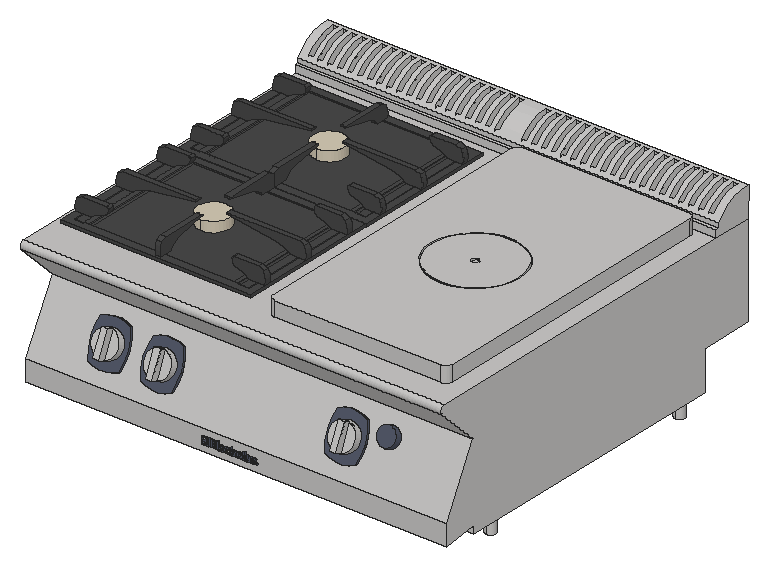
Revit family "QF_ELECTROLUXPROFESSIONAL_371011_E7STGH3000", category Specialty Equipment, Revit 2018
Family settings
  Round Connector Dimension = Use Diameter
  Part Type = Normal
  Work Plane-Based = No
  Always vertical = Yes
  Cut with Voids When Loaded = No
  Shared = No
  Room Calculation Point = No
Parameters
  Width = 800 mm  # constant formula
  Weight in Pounds = 121  # constant formula
  Watts = 0 W
  URL Cutsheet = "www.electrolux.com"
  URL = "www.electrolux.com"
  Type Mark [instance] = ""
  Status [instance] = ""
  Specification by User [instance] = ""
  Specification by Manufacturer = ""
  Show Logo [instance] = yes
  Show Clearance [instance] = yes
  Serial Number = ""
  Seismic Rating = ""
  SMACNA No = ""
  Revision Code [instance] = ""
  Omniclass Number and Title = ""
  NAFEM Spec ID Number = ""
  Model = "371011"
  Mechanical Remarks [instance] = ""
  Mechanical Connection Type [instance] = ""
  Masterspec = ""
  Manufacturer = "ELECTROLUX"
  Item Number [instance] = ""
  Installed By [instance] = ""
  Identify Quantity as Lot [instance] = yes
  Height = 250.8 mm  # constant formula
  HP = "0 HP"
  Gas Size = 12.7 mm  # 1/2"
  Gas RI Height [instance] = 0 mm
  Gas KW [instance] = 14.6  # constant formula
  Gas Input [instance] = 14586.6 VA  # 49771.4 Btu/h
  Gas Connection Height = 0 mm
  Furnished By [instance] = ""
  Foodservice Equipment Identifier [instance] = yes
  Direct Waste Size = 0"
  Description = "700XP Gas Solid Top - 2 Burners"
  Depth = 730 mm  # constant formula
  CSI MasterFormat = ""
  CSI Master Format = ""
  Assembly Code = ""
Reference planes
  plane 1 "BACK": y = 0
  plane 2: z = 0
  plane 3 "LEFT": x = 0
  plane 4 "RIGHT": x = 800
  plane 5 "FRONT": y = -730
  plane 6 "TOP": z = 303.188
  plane 7 "Center Y": x = 400
  plane 8 "Center X": y = -365
  plane 9 "Base Height": z = 23.813
  plane 10: z = 274.613
  plane 11: z = 331.787
Forms (mm)
  Extrusion 1, solid, material "QF_Finishes_Stainless Steel"
    sketch origin (0, 0, 0) x (0, 1, 0) y (0, 0, 1)
      loop
        line (0, 98.425) -> (0, 274.612) -> (-721.5, 274.612)
        arc (-721.5, 274.612) -> (-729.472, 269.285) -> (-727.602, 259.881) r 8.63
        line (-727.602, 259.881) -> (-654.039, 186.318) -> (-715.962, 68.584) -> (-715.962, 30.162) -> (-655.839, 38.612)
        arc (-655.839, 38.612) -> (-653.314, 37.864) -> (-652.222, 35.468) r 3.175
        line (-652.222, 35.468) -> (-652.222, 23.813) -> (-103.188, 23.813) -> (-103.188, 98.425) -> (0, 98.425)
    from 0 to 800
  Extrusion 2, solid, material "QF_Finishes_Stainless Steel"
    sketch origin (0, 0, 0) x (0, 1, 0) y (0, 0, 1)
      loop
        line (0, 274.612) -> (0, 288.9) -> (-76.2, 288.9) -> (-76.2, 274.612) -> (0, 274.612)
    from 0 to 800
  Extrusion 3, solid, material "QF_Finishes_Stainless Steel"
    sketch origin (0, 0, 0) x (1, 0, 0) y (0, 1, 0)
      loop
        circle (11.112, -149.225) r 9.525
      loop
        circle (788.888, -149.225) r 9.525
      loop
        circle (11.112, -598.488) r 9.525
      loop
        circle (788.888, -598.488) r 9.525
    from 0 to 23.812
  Extrusion 4, solid, material "QF_Finishes_Stainless Steel"
    sketch origin (0, -103.188, 23.813) x (0, 0, 1) y (1, 0, 0)
      loop
        circle (36.513, 400) r 6.35
    from 0 to 26.988
  Extrusion 5, void
    sketch origin (34.989, 0, 288.925) x (-1, 0, 0) y (0, -1, 0)
      loop
        line (-335.017, 6.761) -> (-335.017, 63.911) -> (-344.313, 63.911) -> (-344.313, 6.761) -> (-335.017, 6.761)
      loop
        line (-316.325, 6.761) -> (-316.325, 63.911) -> (-325.62, 63.911) -> (-325.62, 6.761) -> (-316.325, 6.761)
      loop
        line (-297.632, 6.761) -> (-297.632, 63.911) -> (-306.928, 63.911) -> (-306.928, 6.761) -> (-297.632, 6.761)
      loop
        line (-278.94, 6.761) -> (-278.94, 63.911) -> (-288.235, 63.911) -> (-288.235, 6.761) -> (-278.94, 6.761)
      loop
        line (-260.247, 6.761) -> (-260.247, 63.911) -> (-269.543, 63.911) -> (-269.543, 6.761) -> (-260.247, 6.761)
      loop
        line (-241.554, 6.761) -> (-241.554, 63.911) -> (-250.85, 63.911) -> (-250.85, 6.761) -> (-241.554, 6.761)
      loop
        line (-222.862, 6.761) -> (-222.862, 63.911) -> (-232.157, 63.911) -> (-232.157, 6.761) -> (-222.862, 6.761)
      loop
        line (-204.169, 6.761) -> (-204.169, 63.911) -> (-213.465, 63.911) -> (-213.465, 6.761) -> (-204.169, 6.761)
      loop
        line (-185.476, 6.761) -> (-185.476, 63.911) -> (-194.772, 63.911) -> (-194.772, 6.761) -> (-185.476, 6.761)
      loop
        line (-166.784, 6.761) -> (-166.784, 63.911) -> (-176.08, 63.911) -> (-176.08, 6.761) -> (-166.784, 6.761)
      loop
        line (-148.091, 6.761) -> (-148.091, 63.911) -> (-157.387, 63.911) -> (-157.387, 6.761) -> (-148.091, 6.761)
      loop
        line (-129.399, 6.761) -> (-129.399, 63.911) -> (-138.694, 63.911) -> (-138.694, 6.761) -> (-129.399, 6.761)
      loop
        line (-110.706, 6.761) -> (-110.706, 63.911) -> (-120.002, 63.911) -> (-120.002, 6.761) -> (-110.706, 6.761)
      loop
        line (-92.013, 6.761) -> (-92.013, 63.911) -> (-101.309, 63.911) -> (-101.309, 6.761) -> (-92.013, 6.761)
      loop
        line (-73.321, 6.761) -> (-73.321, 63.911) -> (-82.617, 63.911) -> (-82.617, 6.761) -> (-73.321, 6.761)
      loop
        line (-54.628, 6.761) -> (-54.628, 63.911) -> (-63.924, 63.911) -> (-63.924, 6.761) -> (-54.628, 6.761)
      loop
        line (-35.936, 6.761) -> (-35.936, 63.911) -> (-45.231, 63.911) -> (-45.231, 6.761) -> (-35.936, 6.761)
      loop
        line (-17.243, 6.761) -> (-17.243, 63.911) -> (-26.539, 63.911) -> (-26.539, 6.761) -> (-17.243, 6.761)
      loop
        line (1.45, 6.761) -> (1.45, 63.911) -> (-7.846, 63.911) -> (-7.846, 6.761) -> (1.45, 6.761)
      loop
        line (20.142, 6.761) -> (20.142, 63.911) -> (10.846, 63.911) -> (10.846, 6.761) -> (20.142, 6.761)
      loop
        line (-395.005, 6.761) -> (-385.709, 6.761) -> (-385.709, 63.911) -> (-395.005, 63.911) -> (-395.005, 6.761)
      loop
        line (-413.697, 6.761) -> (-404.401, 6.761) -> (-404.401, 63.911) -> (-413.697, 63.911) -> (-413.697, 6.761)
      loop
        line (-432.39, 6.761) -> (-423.094, 6.761) -> (-423.094, 63.911) -> (-432.39, 63.911) -> (-432.39, 6.761)
      loop
        line (-451.082, 6.761) -> (-441.787, 6.761) -> (-441.787, 63.911) -> (-451.082, 63.911) -> (-451.082, 6.761)
      loop
        line (-469.775, 6.761) -> (-460.479, 6.761) -> (-460.479, 63.911) -> (-469.775, 63.911) -> (-469.775, 6.761)
      loop
        line (-488.468, 6.761) -> (-479.172, 6.761) -> (-479.172, 63.911) -> (-488.468, 63.911) -> (-488.468, 6.761)
      loop
        line (-507.16, 6.761) -> (-497.864, 6.761) -> (-497.864, 63.911) -> (-507.16, 63.911) -> (-507.16, 6.761)
      loop
        line (-525.853, 6.761) -> (-516.557, 6.761) -> (-516.557, 63.911) -> (-525.853, 63.911) -> (-525.853, 6.761)
      loop
        line (-544.545, 6.761) -> (-535.25, 6.761) -> (-535.25, 63.911) -> (-544.545, 63.911) -> (-544.545, 6.761)
      loop
        line (-563.238, 6.761) -> (-553.942, 6.761) -> (-553.942, 63.911) -> (-563.238, 63.911) -> (-563.238, 6.761)
      loop
        line (-581.931, 6.761) -> (-572.635, 6.761) -> (-572.635, 63.911) -> (-581.931, 63.911) -> (-581.931, 6.761)
      loop
        line (-600.623, 6.761) -> (-591.328, 6.761) -> (-591.328, 63.911) -> (-600.623, 63.911) -> (-600.623, 6.761)
      loop
        line (-619.316, 6.761) -> (-610.02, 6.761) -> (-610.02, 63.911) -> (-619.316, 63.911) -> (-619.316, 6.761)
      loop
        line (-638.008, 6.761) -> (-628.713, 6.761) -> (-628.713, 63.911) -> (-638.008, 63.911) -> (-638.008, 6.761)
      loop
        line (-656.701, 6.761) -> (-647.405, 6.761) -> (-647.405, 63.911) -> (-656.701, 63.911) -> (-656.701, 6.761)
      loop
        line (-675.394, 6.761) -> (-666.098, 6.761) -> (-666.098, 63.911) -> (-675.394, 63.911) -> (-675.394, 6.761)
      loop
        line (-694.086, 6.761) -> (-684.791, 6.761) -> (-684.791, 63.911) -> (-694.086, 63.911) -> (-694.086, 6.761)
      loop
        line (-712.779, 6.761) -> (-703.483, 6.761) -> (-703.483, 63.911) -> (-712.779, 63.911) -> (-712.779, 6.761)
      loop
        line (-731.472, 6.761) -> (-722.176, 6.761) -> (-722.176, 63.911) -> (-731.472, 63.911) -> (-731.472, 6.761)
      loop
        line (-750.164, 6.761) -> (-740.868, 6.761) -> (-740.868, 63.911) -> (-750.164, 63.911) -> (-750.164, 6.761)
    from 9.525 to 45.348
  Extrusion 6, solid, material "QF_Finishes_Stainless Steel"
    sketch origin (0, 0, 14.288) x (0, 1, 0) y (0, 0, 1)
      loop
        line (0, 274.613) -> (0, 317.5)
        arc (0, 317.5) -> (-38.885, 309.109) -> (-69.85, 284.137) r 86.116
        line (-69.85, 284.137) -> (-69.85, 274.613) -> (0, 274.613)
    from 0 to 800
  Extrusion 7, solid, material "QF_Finishes_Navy Blue", visible <- "Show Logo"
    sketch origin (47.249, -715.962, 35.665) x (0, 0, 1) y (-1, 0, 0)
      loop
        line (20.674, -296.698) -> (8.307, -296.698)
        arc (8.307, -296.698) -> (14.491, -301.27) -> (20.674, -296.698) r 6.467
      loop
        arc (20.674, -296.069) -> (19.505, -290.926) -> (14.849, -288.448) r 6.338
        line (14.849, -288.448) -> (14.849, -290.494)
        arc (14.849, -290.494) -> (16.333, -294.149) -> (19.778, -296.069) r 5.941
        line (19.778, -296.069) -> (20.674, -296.069)
      loop
        arc (9.203, -296.069) -> (12.648, -294.149) -> (14.132, -290.494) r 5.941
        line (14.132, -290.494) -> (14.132, -288.448)
        arc (14.132, -288.448) -> (9.438, -290.922) -> (8.148, -296.069) r 6.504
        line (8.148, -296.069) -> (9.203, -296.069)
      loop
        line (21.349, -287.979) -> (7.604, -287.979) -> (7.604, -301.742) -> (21.349, -301.742) -> (21.349, -287.979)
      loop
        arc (21.432, -304.71) -> (21.085, -304.352) -> (20.718, -304.69) r 0.358
        arc (20.718, -304.69) -> (20.404, -305.44) -> (19.687, -305.825) r 1.216
        line (19.687, -305.825) -> (9.274, -305.825)
        arc (9.274, -305.825) -> (8.614, -305.548) -> (8.218, -304.951) r 1.238
        arc (8.218, -304.951) -> (7.823, -304.7) -> (7.518, -305.054) r 0.358
        line (7.518, -305.054) -> (7.518, -314.933) -> (10.269, -314.933) -> (10.269, -314.036)
        arc (10.269, -314.036) -> (9.36, -313.456) -> (8.904, -312.479) r 1.928
        line (8.904, -312.479) -> (8.904, -309.98)
        arc (8.904, -309.98) -> (9.18, -309.251) -> (9.868, -308.887) r 1.101
        line (9.868, -308.887) -> (13.955, -308.887) -> (13.955, -312.561)
        arc (13.955, -312.561) -> (13.602, -313.058) -> (13.037, -313.286) r 1.083
        arc (13.037, -313.286) -> (12.773, -313.591) -> (13.065, -313.869) r 0.292
        line (13.065, -313.869) -> (16.028, -313.869)
        arc (16.028, -313.869) -> (16.33, -313.596) -> (16.092, -313.266) r 0.305
        arc (16.092, -313.266) -> (15.601, -313.018) -> (15.296, -312.561) r 1.083
        line (15.296, -312.561) -> (15.296, -308.887) -> (19.973, -308.887) -> (19.973, -312.635)
        arc (19.973, -312.635) -> (19.759, -313.39) -> (19.153, -313.888) r 1.314
        arc (19.153, -313.888) -> (18.934, -314.292) -> (19.288, -314.585) r 0.361
        line (19.288, -314.585) -> (21.432, -314.585) -> (21.432, -304.71)
      loop
        arc (20.715, -315.365) -> (20.335, -316.284) -> (19.416, -316.664) r 1.299
        line (19.416, -316.664) -> (9.837, -316.664)
        arc (9.837, -316.664) -> (8.999, -316.286) -> (8.728, -315.408) r 1.118
        line (8.728, -315.408) -> (7.518, -315.408) -> (7.518, -320.758) -> (8.706, -320.758)
        arc (8.706, -320.758) -> (8.978, -319.841) -> (9.848, -319.445) r 1.153
        line (9.848, -319.445) -> (21.92, -319.445) -> (20.715, -315.365)
      loop
        line (12.483, -323.394) -> (12.483, -329.842) -> (13.282, -329.842)
        arc (13.282, -329.842) -> (15.862, -328.857) -> (17.131, -326.404) r 3.874
        line (17.131, -326.404) -> (17.131, -324.643)
        arc (17.131, -324.643) -> (15.944, -321.778) -> (13.08, -320.592) r 4.051
        line (13.08, -320.592) -> (11.072, -320.592)
        arc (11.072, -320.592) -> (8.253, -322.077) -> (7.202, -325.084) r 4.352
        arc (7.202, -325.084) -> (7.566, -327.547) -> (8.943, -329.621) r 5.713
        line (8.943, -329.621) -> (9.892, -329.621)
        arc (9.892, -329.621) -> (9.16, -328.052) -> (8.943, -326.334) r 5.579
        arc (8.943, -326.334) -> (9.737, -324.371) -> (11.616, -323.394) r 3.057
        line (11.616, -323.394) -> (12.483, -323.394)
      loop
        line (13.742, -323.394) -> (13.742, -326.977)
        arc (13.742, -326.977) -> (15.199, -327.024) -> (16.082, -325.864) r 1.59
        line (16.082, -325.864) -> (16.082, -325.034)
        arc (16.082, -325.034) -> (15.217, -323.779) -> (13.742, -323.394) r 2.184
      loop
        arc (16.533, -339.259) -> (17.022, -337.585) -> (17.179, -335.848) r 9.023
        line (17.179, -335.848) -> (17.179, -334.486)
        arc (17.179, -334.486) -> (16.02, -331.686) -> (13.22, -330.527) r 3.959
        line (13.22, -330.527) -> (10.62, -330.527)
        arc (10.62, -330.527) -> (8.338, -331.819) -> (7.221, -334.192) r 4.331
        line (7.221, -334.192) -> (7.221, -336.327)
        arc (7.221, -336.327) -> (7.729, -337.877) -> (8.651, -339.223) r 5.772
        arc (8.651, -339.223) -> (9.412, -339.274) -> (9.499, -338.515) r 0.553
        arc (9.499, -338.515) -> (9.111, -337.781) -> (8.977, -336.962) r 2.573
        line (8.977, -336.962) -> (8.977, -335.447)
        arc (8.977, -335.447) -> (9.983, -333.806) -> (11.798, -333.163) r 2.884
        line (11.798, -333.163) -> (13.077, -333.163)
        arc (13.077, -333.163) -> (14.898, -333.723) -> (15.824, -335.388) r 2.554
        line (15.824, -335.388) -> (15.824, -336.441)
        arc (15.824, -336.441) -> (15.493, -337.369) -> (14.836, -338.104) r 2.564
        arc (14.836, -338.104) -> (14.614, -338.821) -> (15.223, -339.259) r 0.643
        line (15.223, -339.259) -> (16.533, -339.259)
      loop
        line (15.515, -339.53) -> (15.515, -341.031) -> (9.467, -341.031)
        arc (9.467, -341.031) -> (7.879, -341.688) -> (7.221, -343.276) r 2.246
        line (7.221, -343.276) -> (7.221, -344.86)
        arc (7.221, -344.86) -> (7.535, -345.725) -> (8.035, -346.496) r 4.06
        arc (8.035, -346.496) -> (8.768, -346.629) -> (9.019, -345.928) r 0.576
        arc (9.019, -345.928) -> (8.913, -345.403) -> (8.977, -344.87) r 1.69
        arc (8.977, -344.87) -> (9.519, -344.082) -> (10.425, -343.779) r 1.506
        line (10.425, -343.779) -> (15.563, -343.779) -> (15.563, -346.176) -> (16.119, -346.733) -> (16.941, -346.733) -> (16.941, -343.873) -> (20.172, -343.873) -> (15.515, -339.53)
      loop
        line (7.438, -347.63) -> (7.438, -353.017) -> (8.548, -353.017)
        arc (8.548, -353.017) -> (8.942, -352.066) -> (9.893, -351.672) r 1.345
        line (9.893, -351.672) -> (13.509, -351.672)
        arc (13.509, -351.672) -> (14.274, -352.264) -> (14.564, -353.186) r 1.615
        line (14.564, -353.186) -> (14.564, -354.742) -> (17.119, -355.427) -> (17.119, -354.044) -> (15.177, -351.485) -> (17.057, -351.485) -> (16.773, -348.779)
        arc (16.773, -348.779) -> (16.333, -348.249) -> (15.674, -348.45) r 0.621
        arc (15.674, -348.45) -> (15.274, -348.792) -> (14.78, -348.975) r 1.501
        line (14.78, -348.975) -> (9.893, -348.975)
        arc (9.893, -348.975) -> (8.942, -348.581) -> (8.548, -347.63) r 1.345
        line (8.548, -347.63) -> (7.438, -347.63)
      loop
        line (13.54, -354.964) -> (10.848, -354.964)
        arc (10.848, -354.964) -> (8.403, -356.272) -> (7.269, -358.803) r 4.288
        arc (7.269, -358.803) -> (7.205, -360.183) -> (7.269, -361.563) r 15.022
        arc (7.269, -361.563) -> (8.403, -364.094) -> (10.848, -365.401) r 4.288
        line (10.848, -365.401) -> (13.54, -365.401)
        arc (13.54, -365.401) -> (15.986, -364.094) -> (17.119, -361.563) r 4.288
        arc (17.119, -361.563) -> (17.183, -360.183) -> (17.119, -358.803) r 15.022
        arc (17.119, -358.803) -> (15.986, -356.272) -> (13.54, -354.964) r 4.288
      loop
        line (13.745, -358.078) -> (10.643, -358.078)
        arc (10.643, -358.078) -> (8.486, -360.235) -> (10.643, -362.392) r 2.157
        line (10.643, -362.392) -> (13.745, -362.392)
        arc (13.745, -362.392) -> (15.902, -360.235) -> (13.745, -358.078) r 2.157
      loop
        arc (20.726, -365.26) -> (20.355, -366.154) -> (19.461, -366.524) r 1.264
        line (19.461, -366.524) -> (9.597, -366.524)
        arc (9.597, -366.524) -> (8.727, -366.127) -> (8.455, -365.211) r 1.153
        line (8.455, -365.211) -> (7.518, -365.211) -> (7.518, -370.319) -> (8.446, -370.319)
        arc (8.446, -370.319) -> (8.805, -369.547) -> (9.597, -369.232) r 1.153
        line (9.597, -369.232) -> (21.92, -369.232) -> (20.726, -365.26)
      loop
        arc (15.846, -369.857) -> (15.647, -370.921) -> (14.678, -371.403) r 1.215
        line (14.678, -371.403) -> (9.658, -371.403)
        arc (9.658, -371.403) -> (8.043, -372.051) -> (7.322, -373.634) r 2.338
        line (7.322, -373.634) -> (7.322, -375.148)
        arc (7.322, -375.148) -> (7.497, -376.152) -> (7.999, -377.038) r 2.979
        line (7.999, -377.038) -> (7.518, -378.835) -> (7.518, -380.524) -> (16.943, -380.524) -> (16.649, -376.32) -> (15.863, -376.32)
        arc (15.863, -376.32) -> (15.507, -377.156) -> (14.755, -377.665) r 1.605
        line (14.755, -377.665) -> (9.652, -377.665)
        arc (9.652, -377.665) -> (9.232, -376.728) -> (9.159, -375.704) r 2.94
        arc (9.159, -375.704) -> (9.72, -374.603) -> (10.873, -374.16) r 1.724
        line (10.873, -374.16) -> (17.07, -374.16) -> (15.846, -369.857)
      loop
        line (16.874, -381.377) -> (15.202, -383.423) -> (12.028, -385.729) -> (8.572, -382.617)
        arc (8.572, -382.617) -> (8.335, -382.223) -> (8.357, -381.764) r 0.789
        line (8.357, -381.764) -> (7.518, -381.764) -> (7.518, -385.309) -> (8.344, -385.309)
        arc (8.344, -385.309) -> (8.686, -384.947) -> (9.176, -385.039) r 0.52
        line (9.176, -385.039) -> (10.976, -386.51) -> (8.858, -387.886)
        arc (8.858, -387.886) -> (8.457, -387.576) -> (8.37, -387.076) r 0.7
        line (8.37, -387.076) -> (7.518, -387.076) -> (7.518, -393.003) -> (8.405, -393.003)
        arc (8.405, -393.003) -> (8.472, -392.344) -> (8.866, -391.813) r 1.247
        line (8.866, -391.813) -> (13.066, -388.532) -> (15.513, -390.585) -> (16.874, -392.327) -> (16.874, -388.604) -> (15.389, -389.026) -> (13.868, -387.749) -> (15.568, -386.559) -> (16.874, -387.336) -> (16.874, -381.377)
    from 0 to 1.644
  Extrusion 8, solid, material "QF_Finishes_Navy Blue"
    sketch origin (47.744, -713.772, 69.003) x (0, 0.418102, 0.9084) y (-1, 0, 0)
      loop
        arc (102.623, -510.47) -> (67.041, -502.846) -> (31.333, -509.853) r 90.5
        arc (31.333, -509.853) -> (24.507, -539.04) -> (31.333, -568.228) r 65.817
        arc (31.333, -568.228) -> (67.04, -575.188) -> (102.623, -567.615) r 91.066
        arc (102.623, -567.615) -> (109.179, -539.043) -> (102.623, -510.47) r 65.546
    from 0 to 3.175
  Extrusion 9, solid, material "QF_Finishes_Stainless Steel"
    sketch origin (426.494, -717.485, 68.529) x (0, 0.418102, 0.9084) y (-1, 0, 0)
      loop
        circle (68.826, -160.963) r 25.4
    from 0 to 12.7
  Extrusion 10, solid, material "QF_Finishes_Stainless Steel"
    sketch origin (426.494, -729.022, 73.839) x (0, 0.418102, 0.9084) y (-1, 0, 0)
      loop
        arc (93.558, -166.749) -> (94.226, -160.963) -> (93.558, -155.177) r 25.4
        line (93.558, -155.177) -> (44.094, -155.177)
        arc (44.094, -155.177) -> (43.426, -160.963) -> (44.094, -166.749) r 25.4
        line (44.094, -166.749) -> (93.558, -166.749)
    from 0 to 12.7
  Extrusion 11, solid, material "QF_Finishes_Navy Blue"
    sketch origin (347.014, -703.319, 91.713) x (0, 0.418102, 0.9084) y (-1, 0, 0)
      loop
        circle (65.471, -315.169) r 17.78
    from 0 to 12.7
  Extrusion 12, solid, material "QF_Finishes_Clearance", visible <- "Show Clearance", detail levels coarse
    sketch origin (0, 0, 0) x (1, 0, 0) y (0, 1, 0)
      loop
        line (0, -730) -> (0, 0) -> (800, 0) -> (800, -730) -> (950, -730) -> (950, 150) -> (-150, 150) -> (-150, -730) -> (0, -730)
    from 0 to 331.787
  Extrusion 13, solid, material "QF_Finishes_Navy Blue"
    sketch origin (-402.256, -713.772, 69.003) x (0, 0.418102, 0.9084) y (-1, 0, 0)
      loop
        arc (102.623, -510.47) -> (67.041, -502.846) -> (31.333, -509.853) r 90.5
        arc (31.333, -509.853) -> (24.507, -539.04) -> (31.333, -568.228) r 65.817
        arc (31.333, -568.228) -> (67.04, -575.188) -> (102.623, -567.615) r 91.066
        arc (102.623, -567.615) -> (109.179, -539.043) -> (102.623, -510.47) r 65.546
    from 0 to 3.175
  Extrusion 14, solid, material "QF_Finishes_Stainless Steel"
    sketch origin (-23.506, -717.485, 68.529) x (0, 0.418102, 0.9084) y (-1, 0, 0)
      loop
        circle (68.826, -160.963) r 25.4
    from 0 to 12.7
  Extrusion 15, solid, material "QF_Finishes_Stainless Steel"
    sketch origin (-23.506, -729.022, 73.839) x (0, 0.418102, 0.9084) y (-1, 0, 0)
      loop
        arc (93.558, -166.749) -> (94.226, -160.963) -> (93.558, -155.177) r 25.4
        line (93.558, -155.177) -> (44.094, -155.177)
        arc (44.094, -155.177) -> (43.426, -160.963) -> (44.094, -166.749) r 25.4
        line (44.094, -166.749) -> (93.558, -166.749)
    from 0 to 12.7
  Extrusion 16, solid, material "QF_Finishes_Navy Blue"
    sketch origin (-302.256, -713.772, 69.003) x (0, 0.418102, 0.9084) y (-1, 0, 0)
      loop
        arc (102.623, -510.47) -> (67.041, -502.846) -> (31.333, -509.853) r 90.5
        arc (31.333, -509.853) -> (24.507, -539.04) -> (31.333, -568.228) r 65.817
        arc (31.333, -568.228) -> (67.04, -575.188) -> (102.623, -567.615) r 91.066
        arc (102.623, -567.615) -> (109.179, -539.043) -> (102.623, -510.47) r 65.546
    from 0 to 3.175
  Extrusion 17, solid, material "QF_Finishes_Stainless Steel"
    sketch origin (76.494, -717.485, 68.529) x (0, 0.418102, 0.9084) y (-1, 0, 0)
      loop
        circle (68.826, -160.963) r 25.4
    from 0 to 12.7
  Extrusion 18, solid, material "QF_Finishes_Stainless Steel"
    sketch origin (76.494, -729.022, 73.839) x (0, 0.418102, 0.9084) y (-1, 0, 0)
      loop
        arc (93.558, -166.749) -> (94.226, -160.963) -> (93.558, -155.177) r 25.4
        line (93.558, -155.177) -> (44.094, -155.177)
        arc (44.094, -155.177) -> (43.426, -160.963) -> (44.094, -166.749) r 25.4
        line (44.094, -166.749) -> (93.558, -166.749)
    from 0 to 12.7
  Extrusion 19, solid, material "QF_Finishes_Stainless Steel"
    sketch origin (17.4, 0, 274.638) x (0, -1, 0) y (1, 0, 0)
      loop
        arc (82.3, 420.3) -> (86.02, 411.32) -> (95, 407.6) r 12.7
        line (95, 407.6) -> (659.6, 407.6)
        arc (659.6, 407.6) -> (668.58, 411.32) -> (672.3, 420.3) r 12.7
        line (672.3, 420.3) -> (672.3, 734.9)
        arc (672.3, 734.9) -> (668.58, 743.88) -> (659.6, 747.6) r 12.7
        line (659.6, 747.6) -> (95, 747.6)
        arc (95, 747.6) -> (86.02, 743.88) -> (82.3, 734.9) r 12.7
        line (82.3, 734.9) -> (82.3, 420.3)
      loop
        circle (392.3, 577.749) r 82.55
      loop
        circle (392.3, 577.749) r 7
      loop
        arc (349.393, 651.634) -> (309.746, 556.172) -> (390.976, 492.245) r 85.532
        arc (390.976, 492.245) -> (451.615, 516.637) -> (477.371, 576.709) r 85.614
        arc (477.371, 576.709) -> (435.193, 651.427) -> (349.393, 651.634) r 85.263
    from 0 to 28.575
  Extrusion 20, solid, material "QF_Finishes_Stainless Steel"
    sketch origin (195.13, 12.7, 274.638) x (0, -1, 0) y (1, 0, 0)
      loop
        circle (405, 400) r 7
    from 0 to 26.981
Cuts and joins
  Extrusion 5 cuts Extrusion 1
  Extrusion 5 cuts Extrusion 6
  joined: Extrusion 2, Extrusion 6
Lines and regions (mm)
  symbolic lines
    curve 1: line (0, -730.129, 0) -> (800, -730.129, 0)
    curve 2: line (0, 0, 0) -> (0, -730.129, 0)
    curve 3: line (800, 0, 0) -> (0, 0, 0)
    curve 4: line (800, -730.129, 0) -> (800, 0, 0)
    curve 5: line (0, -76.2, 0) -> (800, -76.2, 0)
    curve 6: line (0, -69.85, 0) -> (800, -69.85, 0)
    curve 7: line (14.847, -63.911, 0) -> (14.847, -6.761, 0)
    curve 8: line (14.847, -6.761, 0) -> (24.143, -6.761, 0)
    curve 9: line (24.143, -6.761, 0) -> (24.143, -63.911, 0)
    curve 10: line (24.143, -63.911, 0) -> (14.847, -63.911, 0)
    curve 11: line (33.539, -63.911, 0) -> (33.539, -6.761, 0)
    curve 12: line (33.539, -6.761, 0) -> (42.835, -6.761, 0)
    curve 13: line (42.835, -6.761, 0) -> (42.835, -63.911, 0)
    curve 14: line (42.835, -63.911, 0) -> (33.539, -63.911, 0)
    curve 15: line (52.232, -63.911, 0) -> (52.232, -6.761, 0)
    curve 16: line (52.232, -6.761, 0) -> (61.528, -6.761, 0)
    curve 17: line (61.528, -6.761, 0) -> (61.528, -63.911, 0)
    curve 18: line (61.528, -63.911, 0) -> (52.232, -63.911, 0)
    curve 19: line (70.925, -63.911, 0) -> (70.925, -6.761, 0)
    curve 20: line (70.925, -6.761, 0) -> (80.22, -6.761, 0)
    curve 21: line (80.22, -6.761, 0) -> (80.22, -63.911, 0)
    curve 22: line (80.22, -63.911, 0) -> (70.925, -63.911, 0)
    curve 23: line (89.617, -63.911, 0) -> (89.617, -6.761, 0)
    curve 24: line (89.617, -6.761, 0) -> (98.913, -6.761, 0)
    curve 25: line (98.913, -6.761, 0) -> (98.913, -63.911, 0)
    curve 26: line (98.913, -63.911, 0) -> (89.617, -63.911, 0)
    curve 27: line (108.31, -63.911, 0) -> (108.31, -6.761, 0)
    curve 28: line (108.31, -6.761, 0) -> (117.606, -6.761, 0)
    curve 29: line (117.606, -6.761, 0) -> (117.606, -63.911, 0)
    curve 30: line (117.606, -63.911, 0) -> (108.31, -63.911, 0)
    curve 31: line (127.002, -63.911, 0) -> (127.002, -6.761, 0)
    curve 32: line (127.002, -6.761, 0) -> (136.298, -6.761, 0)
    curve 33: line (136.298, -6.761, 0) -> (136.298, -63.911, 0)
    curve 34: line (136.298, -63.911, 0) -> (127.002, -63.911, 0)
    curve 35: line (145.695, -63.911, 0) -> (145.695, -6.761, 0)
    curve 36: line (145.695, -6.761, 0) -> (154.991, -6.761, 0)
    curve 37: line (154.991, -6.761, 0) -> (154.991, -63.911, 0)
    curve 38: line (154.991, -63.911, 0) -> (145.695, -63.911, 0)
    curve 39: line (164.388, -63.911, 0) -> (164.388, -6.761, 0)
    curve 40: line (164.388, -6.761, 0) -> (173.683, -6.761, 0)
    curve 41: line (173.683, -6.761, 0) -> (173.683, -63.911, 0)
    curve 42: line (173.683, -63.911, 0) -> (164.388, -63.911, 0)
    curve 43: line (183.08, -63.911, 0) -> (183.08, -6.761, 0)
    curve 44: line (183.08, -6.761, 0) -> (192.376, -6.761, 0)
    curve 45: line (192.376, -6.761, 0) -> (192.376, -63.911, 0)
    curve 46: line (192.376, -63.911, 0) -> (183.08, -63.911, 0)
    curve 47: line (201.773, -63.911, 0) -> (201.773, -6.761, 0)
    curve 48: line (201.773, -6.761, 0) -> (211.069, -6.761, 0)
    curve 49: line (211.069, -6.761, 0) -> (211.069, -63.911, 0)
    curve 50: line (211.069, -63.911, 0) -> (201.773, -63.911, 0)
    curve 51: line (220.466, -63.911, 0) -> (220.466, -6.761, 0)
    curve 52: line (220.466, -6.761, 0) -> (229.761, -6.761, 0)
    curve 53: line (229.761, -6.761, 0) -> (229.761, -63.911, 0)
    curve 54: line (229.761, -63.911, 0) -> (220.466, -63.911, 0)
    curve 55: line (239.158, -63.911, 0) -> (239.158, -6.761, 0)
    curve 56: line (239.158, -6.761, 0) -> (248.454, -6.761, 0)
    curve 57: line (248.454, -6.761, 0) -> (248.454, -63.911, 0)
    curve 58: line (248.454, -63.911, 0) -> (239.158, -63.911, 0)
    curve 59: line (420.698, -63.911, 0) -> (420.698, -6.761, 0)
    curve 60: line (420.698, -6.761, 0) -> (429.994, -6.761, 0)
    curve 61: line (429.994, -6.761, 0) -> (429.994, -63.911, 0)
    curve 62: line (429.994, -63.911, 0) -> (420.698, -63.911, 0)
    curve 63: line (370.006, -63.911, 0) -> (370.006, -6.761, 0)
    curve 64: line (370.006, -6.761, 0) -> (379.302, -6.761, 0)
    curve 65: line (379.302, -6.761, 0) -> (379.302, -63.911, 0)
    curve 66: line (379.302, -63.911, 0) -> (370.006, -63.911, 0)
    curve 67: line (351.314, -63.911, 0) -> (351.314, -6.761, 0)
    curve 68: line (351.314, -6.761, 0) -> (360.61, -6.761, 0)
    curve 69: line (360.61, -6.761, 0) -> (360.61, -63.911, 0)
    curve 70: line (360.61, -63.911, 0) -> (351.314, -63.911, 0)
    curve 71: line (332.621, -63.911, 0) -> (332.621, -6.761, 0)
    curve 72: line (332.621, -6.761, 0) -> (341.917, -6.761, 0)
    curve 73: line (341.917, -6.761, 0) -> (341.917, -63.911, 0)
    curve 74: line (341.917, -63.911, 0) -> (332.621, -63.911, 0)
    curve 75: line (313.929, -63.911, 0) -> (313.929, -6.761, 0)
    curve 76: line (313.929, -6.761, 0) -> (323.224, -6.761, 0)
    curve 77: line (323.224, -6.761, 0) -> (323.224, -63.911, 0)
    curve 78: line (323.224, -63.911, 0) -> (313.929, -63.911, 0)
    curve 79: line (295.236, -63.911, 0) -> (295.236, -6.761, 0)
    curve 80: line (295.236, -6.761, 0) -> (304.532, -6.761, 0)
    curve 81: line (304.532, -6.761, 0) -> (304.532, -63.911, 0)
    curve 82: line (304.532, -63.911, 0) -> (295.236, -63.911, 0)
    curve 83: line (276.543, -63.911, 0) -> (276.543, -6.761, 0)
    curve 84: line (276.543, -6.761, 0) -> (285.839, -6.761, 0)
    curve 85: line (285.839, -6.761, 0) -> (285.839, -63.911, 0)
    curve 86: line (285.839, -63.911, 0) -> (276.543, -63.911, 0)
    curve 87: line (257.851, -63.911, 0) -> (257.851, -6.761, 0)
    curve 88: line (257.851, -6.761, 0) -> (267.146, -6.761, 0)
    curve 89: line (267.146, -6.761, 0) -> (267.146, -63.911, 0)
    curve 90: line (267.146, -63.911, 0) -> (257.851, -63.911, 0)
    curve 91: line (439.39, -63.911, 0) -> (439.39, -6.761, 0)
    curve 92: line (439.39, -6.761, 0) -> (448.686, -6.761, 0)
    curve 93: line (448.686, -6.761, 0) -> (448.686, -63.911, 0)
    curve 94: line (448.686, -63.911, 0) -> (439.39, -63.911, 0)
    curve 95: line (458.083, -63.911, 0) -> (458.083, -6.761, 0)
    curve 96: line (458.083, -6.761, 0) -> (467.379, -6.761, 0)
    curve 97: line (467.379, -6.761, 0) -> (467.379, -63.911, 0)
    curve 98: line (467.379, -63.911, 0) -> (458.083, -63.911, 0)
    curve 99: line (476.776, -63.911, 0) -> (476.776, -6.761, 0)
    curve 100: line (476.776, -6.761, 0) -> (486.071, -6.761, 0)
    curve 101: line (486.071, -6.761, 0) -> (486.071, -63.911, 0)
    curve 102: line (486.071, -63.911, 0) -> (476.776, -63.911, 0)
    curve 103: line (495.468, -63.911, 0) -> (495.468, -6.761, 0)
    curve 104: line (495.468, -6.761, 0) -> (504.764, -6.761, 0)
    curve 105: line (504.764, -6.761, 0) -> (504.764, -63.911, 0)
    curve 106: line (504.764, -63.911, 0) -> (495.468, -63.911, 0)
    curve 107: line (514.161, -63.911, 0) -> (514.161, -6.761, 0)
    curve 108: line (514.161, -6.761, 0) -> (523.457, -6.761, 0)
    curve 109: line (523.457, -6.761, 0) -> (523.457, -63.911, 0)
    curve 110: line (523.457, -63.911, 0) -> (514.161, -63.911, 0)
    curve 111: line (532.854, -63.911, 0) -> (532.854, -6.761, 0)
    curve 112: line (532.854, -6.761, 0) -> (542.149, -6.761, 0)
    curve 113: line (542.149, -6.761, 0) -> (542.149, -63.911, 0)
    curve 114: line (542.149, -63.911, 0) -> (532.854, -63.911, 0)
    curve 115: line (551.546, -63.911, 0) -> (551.546, -6.761, 0)
    curve 116: line (551.546, -6.761, 0) -> (560.842, -6.761, 0)
    curve 117: line (560.842, -6.761, 0) -> (560.842, -63.911, 0)
    curve 118: line (560.842, -63.911, 0) -> (551.546, -63.911, 0)
    curve 119: line (570.239, -63.911, 0) -> (570.239, -6.761, 0)
    curve 120: line (570.239, -6.761, 0) -> (579.534, -6.761, 0)
    curve 121: line (579.534, -6.761, 0) -> (579.534, -63.911, 0)
    curve 122: line (579.534, -63.911, 0) -> (570.239, -63.911, 0)
    curve 123: line (588.931, -63.911, 0) -> (588.931, -6.761, 0)
    curve 124: line (588.931, -6.761, 0) -> (598.227, -6.761, 0)
    curve 125: line (598.227, -6.761, 0) -> (598.227, -63.911, 0)
    curve 126: line (598.227, -63.911, 0) -> (588.931, -63.911, 0)
    curve 127: line (607.624, -63.911, 0) -> (607.624, -6.761, 0)
    curve 128: line (607.624, -6.761, 0) -> (616.92, -6.761, 0)
    curve 129: line (616.92, -6.761, 0) -> (616.92, -63.911, 0)
    curve 130: line (616.92, -63.911, 0) -> (607.624, -63.911, 0)
    curve 131: line (626.317, -63.911, 0) -> (626.317, -6.761, 0)
    curve 132: line (626.317, -6.761, 0) -> (635.612, -6.761, 0)
    curve 133: line (635.612, -6.761, 0) -> (635.612, -63.911, 0)
    curve 134: line (635.612, -63.911, 0) -> (626.317, -63.911, 0)
    curve 135: line (645.009, -63.911, 0) -> (645.009, -6.761, 0)
    curve 136: line (645.009, -6.761, 0) -> (654.305, -6.761, 0)
    curve 137: line (654.305, -6.761, 0) -> (654.305, -63.911, 0)
    curve 138: line (654.305, -63.911, 0) -> (645.009, -63.911, 0)
    curve 139: line (663.702, -63.911, 0) -> (663.702, -6.761, 0)
    curve 140: line (663.702, -6.761, 0) -> (672.998, -6.761, 0)
    curve 141: line (672.998, -6.761, 0) -> (672.998, -63.911, 0)
    curve 142: line (672.998, -63.911, 0) -> (663.702, -63.911, 0)
    curve 143: line (682.394, -63.911, 0) -> (682.394, -6.761, 0)
    curve 144: line (682.394, -6.761, 0) -> (691.69, -6.761, 0)
    curve 145: line (691.69, -6.761, 0) -> (691.69, -63.911, 0)
    curve 146: line (691.69, -63.911, 0) -> (682.394, -63.911, 0)
    curve 147: line (701.087, -63.911, 0) -> (701.087, -6.761, 0)
    curve 148: line (701.087, -6.761, 0) -> (710.383, -6.761, 0)
    curve 149: line (710.383, -6.761, 0) -> (710.383, -63.911, 0)
    curve 150: line (710.383, -63.911, 0) -> (701.087, -63.911, 0)
    curve 151: line (719.78, -63.911, 0) -> (719.78, -6.761, 0)
    curve 152: line (719.78, -6.761, 0) -> (729.075, -6.761, 0)
    curve 153: line (729.075, -6.761, 0) -> (729.075, -63.911, 0)
    curve 154: line (729.075, -63.911, 0) -> (719.78, -63.911, 0)
    curve 155: line (738.472, -63.911, 0) -> (738.472, -6.761, 0)
    curve 156: line (738.472, -6.761, 0) -> (747.768, -6.761, 0)
    curve 157: line (747.768, -6.761, 0) -> (747.768, -63.911, 0)
    curve 158: line (747.768, -63.911, 0) -> (738.472, -63.911, 0)
    curve 159: line (757.165, -63.911, 0) -> (757.165, -6.761, 0)
    curve 160: line (757.165, -6.761, 0) -> (766.461, -6.761, 0)
    curve 161: line (766.461, -6.761, 0) -> (766.461, -63.911, 0)
    curve 162: line (766.461, -63.911, 0) -> (757.165, -63.911, 0)
    curve 163: line (775.857, -63.911, 0) -> (775.857, -6.761, 0)
    curve 164: line (775.857, -6.761, 0) -> (785.153, -6.761, 0)
    curve 165: line (785.153, -6.761, 0) -> (785.153, -63.911, 0)
    curve 166: line (785.153, -63.911, 0) -> (775.857, -63.911, 0)
    curve 167: line (0, -715.962, 0) -> (800, -715.963, 0)
    curve 171: line (425, -95, 150) -> (425, -659.6, 150)
    curve 172: arc (425, -659.6, 150) -> (428.72, -668.58, 150) -> (437.7, -672.3, 150) r 12.7
    curve 173: line (437.7, -672.3, 150) -> (752.3, -672.3, 150)
    curve 174: arc (605.747, -477.09, 150) -> (538.963, -456.68, 150) -> (509.704, -393.272, 150) r 85.45
    curve 175: line (752.3, -82.3, 150) -> (437.7, -82.3, 150)
    curve 176: arc (437.7, -82.3, 150) -> (428.72, -86.02, 150) -> (425, -95, 150) r 12.7
    curve 177: line (765, -659.6, 150) -> (765, -95, 150)
    curve 178: arc (765, -95, 150) -> (761.28, -86.02, 150) -> (752.3, -82.3, 150) r 12.7
    curve 179: arc (603.714, -307.28, 150) -> (657.92, -334.321, 150) -> (680.58, -390.499, 150) r 85.45
    curve 180: arc (752.3, -672.3, 150) -> (761.28, -668.58, 150) -> (765, -659.6, 150) r 12.7
    curve 181: arc (595.149, -309.75, 150) -> (512.599, -392.3, 150) -> (595.149, -474.85, 150) r 82.55
    curve 182: arc (595.149, -474.85, 150) -> (677.699, -392.3, 150) -> (595.149, -309.75, 150) r 82.55
    curve 183: arc (595.149, -385.3, 150) -> (602.149, -392.3, 150) -> (595.149, -399.3, 150) r 7
    curve 184: arc (595.149, -399.3, 150) -> (588.149, -392.3, 150) -> (595.149, -385.3, 150) r 7
    curve 185: line (425, -390.499, 150) -> (509.718, -390.499, 150)
    curve 186: line (425, -393.272, 150) -> (509.704, -393.272, 150)
    curve 187: line (680.593, -393.272, 150) -> (765, -393.272, 150)
    curve 188: line (680.58, -390.499, 150) -> (765, -390.499, 150)
    curve 189: arc (509.718, -390.499, 150) -> (538.506, -328.321, 150) -> (603.714, -307.28, 150) r 85.45
    curve 190: arc (680.593, -393.272, 150) -> (658.886, -449.215, 150) -> (605.747, -477.09, 150) r 85.45
  symbolic lines, style "QF-Clearances", visible <- "Show Clearance", detail levels coarse
    curve 168: line (-150, -730, 0) -> (-150, 150, 0)
    curve 169: line (-150, 150, 0) -> (950, 150, 0)
    curve 170: line (950, 150, 0) -> (950, -730, 0)
Dimensions and locks
  equal spacing: plane 3 "LEFT", plane 7 "Center Y", plane 4 "RIGHT"
  "Width": plane 3 "LEFT" to plane 4 "RIGHT"
  equal spacing: plane 5 "FRONT", plane 8 "Center X", plane 1 "BACK"
  "Depth": plane 5 "FRONT" to plane 1 "BACK"
  plane 9 "Base Height" to level = 23.812 mm
  "Height": plane 10 to plane 9 "Base Height"
  plane 6 "TOP" to plane 10 = 28.575 mm
  plane 11 to level = 331.788 mm
  aligned and locked: level to plane 2
Automatic sketch dimensions
  plane 5 "FRONT" to curve 168 = 0 mm
  curve 2 to plane 3 "LEFT" = 0 mm
  curve 5 to plane 4 "RIGHT" = 0 mm
  plane 5 "FRONT" to curve 170 = 0 mm
  plane 1 "BACK" to curve 3 = 0 mm
  curve 168 to plane 3 "LEFT" = 150 mm
  plane 1 "BACK" to curve 8 = 6.761 mm
  plane 3 "LEFT" to curve 8 = 14.847 mm
  curve 7 to curve 10 = 9.296 mm
  curve 9 to curve 14 = 9.397 mm
  curve 11 to curve 12 = 9.296 mm
  curve 12 to curve 15 = 9.397 mm
  curve 15 to curve 16 = 9.296 mm
  curve 16 to curve 20 = 9.397 mm
  curve 19 to curve 20 = 9.296 mm
  curve 20 to curve 23 = 9.397 mm
  curve 23 to curve 24 = 9.296 mm
  curve 24 to curve 28 = 9.397 mm
  curve 27 to curve 30 = 9.296 mm
  curve 29 to curve 34 = 9.397 mm
  curve 31 to curve 32 = 9.296 mm
  curve 32 to curve 36 = 9.397 mm
  curve 35 to curve 36 = 9.296 mm
  curve 37 to curve 42 = 9.397 mm
  curve 39 to curve 40 = 9.296 mm
  curve 41 to curve 46 = 9.397 mm
  curve 43 to curve 44 = 9.296 mm
  curve 45 to curve 50 = 9.397 mm
  curve 47 to curve 48 = 9.296 mm
  curve 48 to curve 52 = 9.397 mm
  curve 51 to curve 52 = 9.296 mm
  curve 53 to curve 58 = 9.397 mm
  curve 55 to curve 56 = 9.296 mm
  curve 56 to curve 88 = 9.397 mm
  curve 87 to curve 90 = 9.296 mm
  curve 89 to curve 86 = 9.397 mm
  curve 83 to curve 85 = 9.296 mm
  curve 85 to curve 82 = 9.397 mm
  curve 79 to curve 81 = 9.296 mm
  curve 81 to curve 78 = 9.397 mm
  curve 75 to curve 78 = 9.296 mm
  curve 77 to curve 74 = 9.397 mm
  curve 71 to curve 72 = 9.296 mm
  curve 73 to curve 67 = 9.397 mm
  curve 67 to curve 68 = 9.296 mm
  curve 69 to curve 66 = 9.397 mm
  curve 63 to curve 65 = 9.296 mm
  plane 1 "BACK" to curve 60 = 6.761 mm
  plane 7 "Center Y" to curve 60 = 20.698 mm
  curve 59 to curve 62 = 9.296 mm
  curve 60 to curve 92 = 9.397 mm
  curve 91 to curve 94 = 9.296 mm
  curve 92 to curve 96 = 9.397 mm
  curve 95 to curve 98 = 9.296 mm
  curve 96 to curve 99 = 9.397 mm
  curve 99 to curve 101 = 9.296 mm
  curve 101 to curve 106 = 9.397 mm
  curve 103 to curve 104 = 9.296 mm
  curve 104 to curve 108 = 9.397 mm
  curve 107 to curve 108 = 9.296 mm
  curve 109 to curve 114 = 9.397 mm
  curve 111 to curve 112 = 9.296 mm
  curve 113 to curve 118 = 9.397 mm
  curve 115 to curve 118 = 9.296 mm
  curve 117 to curve 122 = 9.397 mm
  curve 119 to curve 120 = 9.296 mm
  curve 120 to curve 124 = 9.397 mm
  curve 123 to curve 126 = 9.296 mm
  curve 124 to curve 128 = 9.397 mm
  curve 127 to curve 130 = 9.296 mm
  curve 128 to curve 131 = 9.397 mm
  curve 131 to curve 132 = 9.296 mm
  curve 132 to curve 135 = 9.397 mm
  curve 135 to curve 138 = 9.296 mm
  curve 136 to curve 140 = 9.397 mm
  curve 139 to curve 140 = 9.296 mm
  curve 140 to curve 143 = 9.397 mm
  curve 143 to curve 145 = 9.296 mm
  curve 144 to curve 147 = 9.397 mm
  curve 147 to curve 150 = 9.296 mm
  curve 149 to curve 151 = 9.397 mm
  curve 151 to curve 154 = 9.296 mm
  curve 152 to curve 155 = 9.397 mm
  curve 155 to curve 157 = 9.296 mm
  curve 160 to curve 164 = 9.397 mm
  curve 163 to curve 164 = 9.296 mm
  plane 4 "RIGHT" to curve 170 = 150 mm
  curve 167 to plane 5 "FRONT" = 14.037 mm
  plane 1 "BACK" to curve 5 = 76.2 mm
  curve 5 to curve 6 = 6.35 mm
  curve 6 to curve 10 = 5.939 mm
  curve 9 to curve 11 = 0 mm
  curve 6 to curve 166 = 5.939 mm
  curve 13 to curve 15 = 0 mm
  curve 162 to curve 163 = 0 mm
  curve 17 to curve 19 = 0 mm
  curve 158 to curve 159 = 0 mm
  curve 21 to curve 23 = 0 mm
  curve 154 to curve 155 = 0 mm
  curve 25 to curve 27 = 0 mm
  curve 150 to curve 151 = 0 mm
  curve 29 to curve 31 = 0 mm
  curve 146 to curve 147 = 0 mm
  curve 33 to curve 35 = 0 mm
  curve 142 to curve 143 = 0 mm
  curve 37 to curve 39 = 0 mm
  curve 138 to curve 139 = 0 mm
  curve 41 to curve 43 = 0 mm
  curve 134 to curve 135 = 0 mm
  curve 45 to curve 47 = 0 mm
  curve 130 to curve 131 = 0 mm
  curve 49 to curve 51 = 0 mm
  curve 126 to curve 127 = 0 mm
  curve 53 to curve 55 = 0 mm
  curve 122 to curve 123 = 0 mm
  curve 59 to curve 59 = 57.15 mm
  curve 118 to curve 119 = 0 mm
  curve 63 to curve 59 = 0 mm
  curve 114 to curve 115 = 0 mm
  curve 67 to curve 63 = 0 mm
  curve 110 to curve 111 = 0 mm
  curve 71 to curve 67 = 0 mm
  curve 106 to curve 107 = 0 mm
  curve 75 to curve 71 = 0 mm
  curve 102 to curve 103 = 0 mm
  curve 79 to curve 75 = 0 mm
  curve 98 to curve 99 = 0 mm
  curve 83 to curve 79 = 0 mm
  curve 61 to curve 94 = 0 mm
  curve 57 to curve 87 = 0 mm
  plane 1 "BACK" to curve 89 = 6.761 mm
  plane 1 "BACK" to curve 91 = 6.761 mm
  plane 1 "BACK" to curve 85 = 6.761 mm
  plane 1 "BACK" to curve 95 = 6.761 mm
  plane 1 "BACK" to curve 81 = 6.761 mm
  plane 1 "BACK" to curve 99 = 6.761 mm
  plane 1 "BACK" to curve 77 = 6.761 mm
  plane 1 "BACK" to curve 103 = 6.761 mm
  plane 1 "BACK" to curve 73 = 6.761 mm
  plane 1 "BACK" to curve 107 = 6.761 mm
  plane 1 "BACK" to curve 69 = 6.761 mm
  plane 1 "BACK" to curve 111 = 6.761 mm
  plane 1 "BACK" to curve 65 = 6.761 mm
  plane 1 "BACK" to curve 115 = 6.761 mm
  plane 1 "BACK" to curve 119 = 6.761 mm
  plane 1 "BACK" to curve 57 = 6.761 mm
  plane 1 "BACK" to curve 123 = 6.761 mm
  plane 1 "BACK" to curve 53 = 6.761 mm
  plane 1 "BACK" to curve 127 = 6.761 mm
  plane 1 "BACK" to curve 49 = 6.761 mm
  plane 1 "BACK" to curve 131 = 6.761 mm
  plane 1 "BACK" to curve 45 = 6.761 mm
  plane 1 "BACK" to curve 135 = 6.761 mm
  plane 1 "BACK" to curve 41 = 6.761 mm
  plane 1 "BACK" to curve 139 = 6.761 mm
  plane 1 "BACK" to curve 37 = 6.761 mm
  plane 1 "BACK" to curve 143 = 6.761 mm
  plane 1 "BACK" to curve 33 = 6.761 mm
  plane 1 "BACK" to curve 147 = 6.761 mm
  plane 1 "BACK" to curve 29 = 6.761 mm
  plane 1 "BACK" to curve 151 = 6.761 mm
  plane 1 "BACK" to curve 25 = 6.761 mm
  plane 1 "BACK" to curve 155 = 6.761 mm
  plane 1 "BACK" to curve 21 = 6.761 mm
  plane 1 "BACK" to curve 159 = 6.761 mm
  plane 1 "BACK" to curve 17 = 6.761 mm
  plane 1 "BACK" to curve 163 = 6.761 mm
  plane 1 "BACK" to curve 13 = 6.761 mm
  curve 169 to plane 1 "BACK" = 150 mm
  Extrusion 1 sketch curve to plane 10 = 0 mm
  Extrusion 1 sketch curve to plane 9 "Base Height" = 0 mm
  Extrusion 1 sketch curve to plane 1 "BACK" = 0 mm
  Extrusion 1 sketch curve to Extrusion 1 sketch curve = 103.188 mm
  plane 9 "Base Height" to Extrusion 1 sketch curve = 11.656 mm
  Extrusion 1 sketch curve to plane 5 "FRONT" = 77.778 mm
  Extrusion 1 sketch curve to plane 5 "FRONT" = 75.961 mm
  Extrusion 1 sketch curve to Extrusion 1 sketch curve = 3.175 mm
  plane 9 "Base Height" to Extrusion 1 sketch curve = 14.8 mm
  plane 9 "Base Height" to Extrusion 1 sketch curve = 6.35 mm
  Extrusion 1 sketch curve to plane 5 "FRONT" = 14.038 mm
  Extrusion 1 sketch curve to plane 5 "FRONT" = 8.5 mm
  Extrusion 1 sketch curve to plane 5 "FRONT" = 2.398 mm
  Extrusion 1 sketch curve to Extrusion 1 sketch curve = 38.422 mm
  plane 9 "Base Height" to Extrusion 1 sketch curve = 74.612 mm
  Extrusion 1 sketch curve to plane 10 = 88.295 mm
  Extrusion 1 sketch curve to plane 10 = 14.732 mm
  Extrusion 2 sketch curve to plane 10 = 0 mm
  Extrusion 2 sketch curve to plane 1 "BACK" = 0 mm
  Extrusion 2 sketch curve to plane 6 "TOP" = 14.287 mm
  plane 1 "BACK" to Extrusion 2 sketch curve = 76.2 mm
  Extrusion 3 sketch curve to Extrusion 3 sketch curve = 0 mm  (x8)
  plane 3 "LEFT" to Extrusion 3 sketch curve = 11.112 mm  (x2)
  Extrusion 3 sketch curve to plane 4 "RIGHT" = 11.112 mm  (x2)
  Extrusion 3 sketch curve to plane 5 "FRONT" = 121.987 mm  (x2)
  Extrusion 3 sketch curve to Extrusion 3 sketch curve = 9.525 mm  (x4)
  plane 1 "BACK" to Extrusion 3 sketch curve = 158.75 mm  (x2)
  Extrusion 1 to Extrusion 4 sketch curve = 36.513 mm
  Extrusion 1 to Extrusion 4 sketch curve = 400 mm
  Extrusion 5 sketch curve to plane 4 "RIGHT" = 14.847 mm
  Extrusion 5 sketch curve to Extrusion 5 sketch curve = 9.296 mm  (x40)
  Extrusion 5 sketch curve to Extrusion 5 sketch curve = 9.397 mm  (x38)
  Extrusion 5 sketch curve to plane 7 "Center Y" = 20.698 mm
  plane 1 "BACK" to Extrusion 5 sketch curve = 6.761 mm  (x40)
  Extrusion 5 sketch curve to Extrusion 5 sketch curve = 57.15 mm  (x2)
  Extrusion 5 sketch curve to Extrusion 5 sketch curve = 0 mm  (x38)
  Extrusion 6 sketch curve to plane 1 "BACK" = 0 mm
  Extrusion 6 sketch curve to plane 11 = 0 mm
  plane 1 "BACK" to Extrusion 6 sketch curve = 1.769 mm
  Extrusion 6 sketch curve to plane 6 "TOP" = 4.763 mm
  plane 1 "BACK" to Extrusion 6 sketch curve = 69.85 mm
  Extrusion 6 sketch curve to plane 6 "TOP" = 14.287 mm
  plane 7 "Center Y" to Extrusion 7 sketch curve = 7.432 mm
  plane 9 "Base Height" to Extrusion 7 sketch curve = 14.013 mm
  plane 9 "Base Height" to Extrusion 7 sketch curve = 19.054 mm
  Extrusion 7 sketch curve to plane 7 "Center Y" = 7.891 mm
  Extrusion 7 sketch curve to Extrusion 7 sketch curve = 5.06 mm
  Extrusion 7 sketch curve to Extrusion 7 sketch curve = 0 mm  (x28)
  Extrusion 7 sketch curve to Extrusion 7 sketch curve = 5.108 mm  (x2)
  Extrusion 7 sketch curve to Extrusion 7 sketch curve = 0.054 mm
  Extrusion 7 sketch curve to Extrusion 7 sketch curve = 0.218 mm
  Extrusion 7 sketch curve to Extrusion 7 sketch curve = 0.195 mm
  Extrusion 7 sketch curve to Extrusion 7 sketch curve = 0.249 mm
  plane 9 "Base Height" to Extrusion 7 sketch curve = 19.371 mm
  Extrusion 7 sketch curve to Extrusion 7 sketch curve = 0.087 mm
  Extrusion 7 sketch curve to Extrusion 7 sketch curve = 0.358 mm
  Extrusion 7 sketch curve to Extrusion 7 sketch curve = 0.481 mm
  Extrusion 7 sketch curve to Extrusion 7 sketch curve = 0.597 mm
  Extrusion 7 sketch curve to Extrusion 7 sketch curve = 0.544 mm
  Extrusion 7 sketch curve to Extrusion 7 sketch curve = 0.936 mm
  Extrusion 7 sketch curve to Extrusion 7 sketch curve = 0.594 mm
  Extrusion 7 sketch curve to Extrusion 7 sketch curve = 0.343 mm
  Extrusion 7 sketch curve to Extrusion 7 sketch curve = 0.159 mm
  Extrusion 7 sketch curve to Extrusion 7 sketch curve = 0.826 mm
  Extrusion 7 sketch curve to Extrusion 7 sketch curve = 0.839 mm
  Extrusion 7 sketch curve to Extrusion 7 sketch curve = 0.852 mm
  Extrusion 7 sketch curve to Extrusion 7 sketch curve = 0.887 mm
  Extrusion 7 sketch curve to Extrusion 7 sketch curve = 0.928 mm
  Extrusion 7 sketch curve to Extrusion 7 sketch curve = 0.938 mm
  Extrusion 7 sketch curve to Extrusion 7 sketch curve = 0.444 mm
  Extrusion 7 sketch curve to Extrusion 7 sketch curve = 1.11 mm  (x3)
  plane 7 "Center Y" to Extrusion 7 sketch curve = 0.266 mm
  Extrusion 7 sketch curve to Extrusion 7 sketch curve = 0.215 mm
  Extrusion 7 sketch curve to Extrusion 7 sketch curve = 1.43 mm
  Extrusion 7 sketch curve to Extrusion 7 sketch curve = 1.188 mm
  Extrusion 7 sketch curve to Extrusion 7 sketch curve = 1.21 mm  (x2)
  Extrusion 7 sketch curve to Extrusion 7 sketch curve = 0.503 mm
  Extrusion 7 sketch curve to Extrusion 7 sketch curve = 0.488 mm
  Extrusion 7 sketch curve to Extrusion 7 sketch curve = 0.462 mm
  Extrusion 7 sketch curve to Extrusion 7 sketch curve = 1.386 mm
  Extrusion 7 sketch curve to Extrusion 7 sketch curve = 1.742 mm  (x2)
  Extrusion 7 sketch curve to Extrusion 7 sketch curve = 0.821 mm
  Extrusion 7 sketch curve to Extrusion 7 sketch curve = 0.497 mm
  Extrusion 7 sketch curve to Extrusion 7 sketch curve = 0.539 mm
  Extrusion 7 sketch curve to Extrusion 7 sketch curve = 0.686 mm
  Extrusion 7 sketch curve to Extrusion 7 sketch curve = 0.408 mm
  Extrusion 7 sketch curve to Extrusion 7 sketch curve = 0.743 mm
  Extrusion 7 sketch curve to Extrusion 7 sketch curve = 1.16 mm
  Extrusion 7 sketch curve to Extrusion 7 sketch curve = 0.329 mm
  Extrusion 7 sketch curve to Extrusion 7 sketch curve = 1.054 mm
  Extrusion 7 sketch curve to Extrusion 7 sketch curve = 1.056 mm
  Extrusion 7 sketch curve to Extrusion 7 sketch curve = 0.129 mm
  Extrusion 7 sketch curve to Extrusion 7 sketch curve = 0.489 mm
  Extrusion 7 sketch curve to Extrusion 7 sketch curve = 0.441 mm
  Extrusion 7 sketch curve to Extrusion 7 sketch curve = 1.151 mm
  Extrusion 7 sketch curve to Extrusion 7 sketch curve = 1.141 mm  (x2)
  Extrusion 7 sketch curve to Extrusion 7 sketch curve = 0.768 mm
  Extrusion 7 sketch curve to Extrusion 7 sketch curve = 1.653 mm
  Extrusion 7 sketch curve to Extrusion 7 sketch curve = 0.499 mm
  Extrusion 7 sketch curve to Extrusion 7 sketch curve = 0.964 mm
  Extrusion 7 sketch curve to Extrusion 7 sketch curve = 0.949 mm
  Extrusion 7 sketch curve to Extrusion 7 sketch curve = 1.345 mm  (x2)
  Extrusion 7 sketch curve to Extrusion 7 sketch curve = 1.101 mm
  Extrusion 7 sketch curve to Extrusion 7 sketch curve = 0.432 mm
  Extrusion 7 sketch curve to Extrusion 7 sketch curve = 1.142 mm
  Extrusion 7 sketch curve to Extrusion 7 sketch curve = 0.959 mm
  Extrusion 7 sketch curve to Extrusion 7 sketch curve = 0.176 mm
  Extrusion 7 sketch curve to Extrusion 7 sketch curve = 0.728 mm
  Extrusion 7 sketch curve to Extrusion 7 sketch curve = 3.375 mm  (x2)
  Extrusion 7 sketch curve to Extrusion 7 sketch curve = 0.541 mm
  Extrusion 7 sketch curve to Extrusion 7 sketch curve = 0.955 mm
  Extrusion 7 sketch curve to Extrusion 7 sketch curve = 1.251 mm
  Extrusion 7 sketch curve to Extrusion 7 sketch curve = 0.572 mm
  Extrusion 7 sketch curve to Extrusion 7 sketch curve = 1.92 mm
  Extrusion 7 sketch curve to Extrusion 7 sketch curve = 1.224 mm
  Extrusion 7 sketch curve to Extrusion 7 sketch curve = 0.745 mm
  Extrusion 7 sketch curve to Extrusion 7 sketch curve = 2.537 mm
  Extrusion 7 sketch curve to Extrusion 7 sketch curve = 0.896 mm  (x3)
  Extrusion 7 sketch curve to Extrusion 7 sketch curve = 0.036 mm
  Extrusion 7 sketch curve to Extrusion 7 sketch curve = 2.607 mm
  Extrusion 7 sketch curve to Extrusion 7 sketch curve = 0.066 mm
  Extrusion 7 sketch curve to Extrusion 7 sketch curve = 0.248 mm
  Extrusion 7 sketch curve to Extrusion 7 sketch curve = 0.449 mm
  Extrusion 7 sketch curve to Extrusion 7 sketch curve = 1.052 mm
  Extrusion 7 sketch curve to Extrusion 7 sketch curve = 1.863 mm
  Extrusion 7 sketch curve to Extrusion 7 sketch curve = 1.31 mm  (x2)
  Extrusion 7 sketch curve to Extrusion 7 sketch curve = 0.901 mm
  Extrusion 7 sketch curve to Extrusion 7 sketch curve = 1.107 mm
  Extrusion 7 sketch curve to Extrusion 7 sketch curve = 2.122 mm
  plane 7 "Center Y" to Extrusion 7 sketch curve = 0.435 mm
  Extrusion 7 sketch curve to Extrusion 7 sketch curve = 2.101 mm
  Extrusion 7 sketch curve to Extrusion 7 sketch curve = 0.106 mm
  Extrusion 7 sketch curve to Extrusion 7 sketch curve = 0.029 mm
  Extrusion 7 sketch curve to Extrusion 7 sketch curve = 2.09 mm
  Extrusion 7 sketch curve to Extrusion 7 sketch curve = 1.279 mm
  Extrusion 7 sketch curve to Extrusion 7 sketch curve = 2.008 mm
  Extrusion 7 sketch curve to Extrusion 7 sketch curve = 0.738 mm
  Extrusion 7 sketch curve to Extrusion 7 sketch curve = 0.382 mm
  Extrusion 7 sketch curve to Extrusion 7 sketch curve = 0.384 mm
  Extrusion 7 sketch curve to Extrusion 7 sketch curve = 0.002 mm
  Extrusion 7 sketch curve to Extrusion 7 sketch curve = 0.561 mm
  Extrusion 7 sketch curve to Extrusion 7 sketch curve = 1.023 mm
  Extrusion 7 sketch curve to Extrusion 7 sketch curve = 2.692 mm
  Extrusion 7 sketch curve to Extrusion 7 sketch curve = 1.259 mm
  Extrusion 7 sketch curve to Extrusion 7 sketch curve = 0.802 mm
  Extrusion 7 sketch curve to Extrusion 7 sketch curve = 1.024 mm  (x2)
  Extrusion 7 sketch curve to Extrusion 7 sketch curve = 0.682 mm
  Extrusion 7 sketch curve to Extrusion 7 sketch curve = 5.934 mm
  Extrusion 7 sketch curve to Extrusion 7 sketch curve = 2.186 mm
  Extrusion 7 sketch curve to Extrusion 7 sketch curve = 0.337 mm
  Extrusion 7 sketch curve to Extrusion 7 sketch curve = 0.021 mm
  Extrusion 7 sketch curve to Extrusion 7 sketch curve = 1.005 mm
  Extrusion 7 sketch curve to Extrusion 7 sketch curve = 0.552 mm
  Extrusion 7 sketch curve to Extrusion 7 sketch curve = 0.778 mm
  Extrusion 7 sketch curve to Extrusion 7 sketch curve = 0.063 mm
  Extrusion 7 sketch curve to Extrusion 7 sketch curve = 3.804 mm
  Extrusion 7 sketch curve to Extrusion 7 sketch curve = 0.486 mm
  Extrusion 7 sketch curve to Extrusion 7 sketch curve = 0.266 mm  (x2)
  Extrusion 7 sketch curve to Extrusion 7 sketch curve = 1.547 mm
  Extrusion 7 sketch curve to Extrusion 7 sketch curve = 0.717 mm  (x2)
  Extrusion 7 sketch curve to Extrusion 7 sketch curve = 1.667 mm
  Extrusion 7 sketch curve to Extrusion 7 sketch curve = 3.174 mm
  Extrusion 7 sketch curve to Extrusion 7 sketch curve = 0.388 mm
  Extrusion 7 sketch curve to Extrusion 7 sketch curve = 1.342 mm
  Extrusion 7 sketch curve to Extrusion 7 sketch curve = 1.521 mm
  Extrusion 7 sketch curve to Extrusion 7 sketch curve = 0.124 mm
  Extrusion 7 sketch curve to Extrusion 7 sketch curve = 0.291 mm
  Extrusion 7 sketch curve to plane 7 "Center Y" = 6.575 mm
  Extrusion 7 sketch curve to Extrusion 7 sketch curve = 1.049 mm  (x2)
  Extrusion 7 sketch curve to Extrusion 7 sketch curve = 1.7 mm
  Extrusion 7 sketch curve to Extrusion 7 sketch curve = 0.894 mm
  Extrusion 7 sketch curve to Extrusion 7 sketch curve = 0.989 mm
  Extrusion 7 sketch curve to Extrusion 7 sketch curve = 1.168 mm
  Extrusion 7 sketch curve to Extrusion 7 sketch curve = 1.594 mm
  Extrusion 7 sketch curve to Extrusion 7 sketch curve = 0.731 mm
  Extrusion 7 sketch curve to Extrusion 7 sketch curve = 1.566 mm
  Extrusion 7 sketch curve to Extrusion 7 sketch curve = 0.064 mm
  Extrusion 7 sketch curve to plane 7 "Center Y" = 6.019 mm
  Extrusion 7 sketch curve to Extrusion 7 sketch curve = 0.556 mm  (x2)
  Extrusion 7 sketch curve to Extrusion 7 sketch curve = 0.48 mm
  Extrusion 7 sketch curve to Extrusion 7 sketch curve = 1.018 mm
